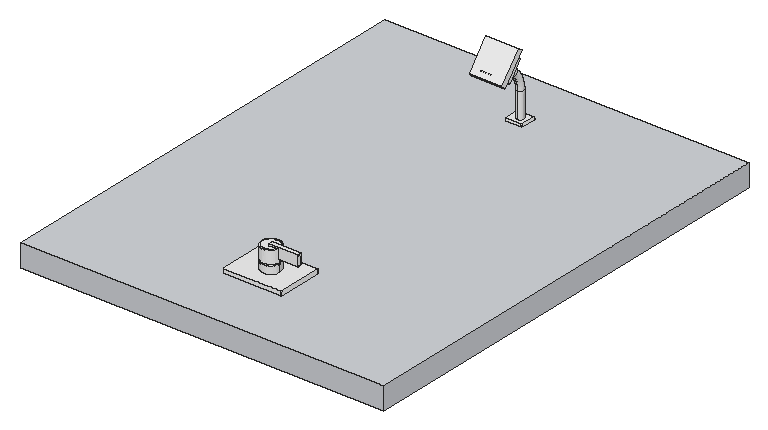
Revit family
Parameters (values of type "Polished Chrome")
  Waste Connection = no
  WFU = 0
  Version = 1
  Vent Connection = no
  URL = "http://www.deltafaucet.com"
  Series = "Monitor 14"  # constant formula
  Product URL = "http://www.deltafaucet.com/bath/details/T14253-H2O.html"
  Overall Width = 0' - 7.08661"  # constant formula
  Overall Height [instance] = Distance from Control to Showerhead + 0' 1" + 0' 2 25/32"  # 3' - 5 25/32"
  Overall Depth = 1' - 6 1/8"  # constant formula
  Model = "T14253-H2O"
  Manufacturer = "DELTA"  # constant formula
  Hot Water Connection Radius = Hot Water Connection NPT / 2  # 1/4"
  Hot Water Connection NPT = 1/2"
  HWFU = 0
  HW Connection = yes
  Flow Pressure [instance] = 0.00 psi
  Finish = Chrome - DELTA - Polished
  Distance from Control to Showerhead [instance] = 3' - 2"
  Description = "Shower Faucet Trim Includes Pressure Balanced Bath Mixing Valve with Scald-Guard"
  Default Elevation = 3' - 9 1/4"
  Collection = "Vero"  # constant formula
  Cold Water Connection Radius = Cold Water Connection NPT / 2  # 1/4"
  Cold Water Connection NPT = 1/2"
  CWFU = 0
  CW Connection = yes
  CADworks URL = "http://www.CADworks.net"
  Assembly Code = "D2010710"
  ADA Compliant = yes
Types (3): name | Product URL | Model | Finish
  (no name) | "http://www.deltafaucet.com/bath/details/T14253-H2O.html" | "T14253-H2O" | Chrome - DELTA - Polished
  Polished Chrome | "http://www.deltafaucet.com/bath/details/T14253-H2O.html" | "T14253-H2O" | Chrome - DELTA - Polished
  Brilliance Stainless | "http://www.deltafaucet.com/bath/details/T14253-SSH2O.html" | "T14253-SSH2O" | Steel - DELTA - Brilliance Stainless
Reference planes (in)
  plane 1 "Center (Front/Back)": y = 0
  plane 2: z = 0.00247
  plane 3 "Center (Left/Right)": x = 0
  plane 4: y = 38
  plane 5: x = -1
  plane 6: x = 1
  plane 7: x = 3.54331
  plane 8: x = -3.54331
  plane 9: y = 2.79331
  plane 10: y = -2.79331
  plane 11: z = 0.30168
  plane 12: z = 0.50247
  plane 13: z = 1.65236
  plane 14: y = 38.98794
  plane 15: z = -0.24753
  plane 16: z = 3.27756
  plane 17: z = 2.02756
  plane 18: y = 36.98794
  plane 19: y = 43.77539
  plane 20: through (0.06198, 31.39901, 10.33972) normal (0, -0.641, -0.7675)
  plane 21: through (0, 26.9852, -0.27291) normal (0, 0.7675, -0.641)
  plane 22: y = 27.2152
  plane 23: z = 9.68516
Forms (in)
  Extrusion 1, solid
    sketch origin (0, 0, 0.00247) x (1, 0, 0) y (0, 1, 0)
      loop
        line (-22.21879, 45.14379) -> (-22.21879, -10.35841) -> (22.06226, -10.35841) -> (22.06226, 45.14379) -> (-22.21879, 45.14379)
    from 0 to -2.73823
  Blend 2, solid, material "Chrome - DELTA - Polished" <- "Finish"
    base sketch origin (0, 15, 0.00247) x (1, 0, 0) y (0, 1, 0)
      loop
        arc (-3.50394, -12.20669) -> (-3.53178, -12.21822) -> (-3.54331, -12.24606) r 0.03937
        line (-3.54331, -12.24606) -> (-3.54331, -17.75394)
        arc (-3.54331, -17.75394) -> (-3.53178, -17.78178) -> (-3.50394, -17.79331) r 0.03937
        line (-3.50394, -17.79331) -> (3.50394, -17.79331)
        arc (3.50394, -17.79331) -> (3.53178, -17.78178) -> (3.54331, -17.75394) r 0.03937
        line (3.54331, -17.75394) -> (3.54331, -12.24606)
        arc (3.54331, -12.24606) -> (3.53178, -12.21822) -> (3.50394, -12.20669) r 0.03937
        line (3.50394, -12.20669) -> (-3.50394, -12.20669)
    top sketch origin (0, 15, 0.00247) x (1, 0, 0) y (0, 1, 0)
      loop
        line (3.46457, -12.24606) -> (-3.46457, -12.24606)
        arc (-3.46457, -12.24606) -> (-3.49241, -12.25759) -> (-3.50394, -12.28543) r 0.03937
        line (-3.50394, -12.28543) -> (-3.50394, -17.71457)
        arc (-3.50394, -17.71457) -> (-3.49241, -17.74241) -> (-3.46457, -17.75394) r 0.03937
        line (-3.46457, -17.75394) -> (3.46457, -17.75394)
        arc (3.46457, -17.75394) -> (3.49241, -17.74241) -> (3.50394, -17.71457) r 0.03937
        line (3.50394, -17.71457) -> (3.50394, -12.28543)
        arc (3.50394, -12.28543) -> (3.49241, -12.25759) -> (3.46457, -12.24606) r 0.03937
    from 0 to 0.5
  Extrusion 3, solid, material "Chrome - DELTA - Polished" <- "Finish", detail levels fine
    sketch origin (-60, -180, -0.25) x (-1, 0, 0) y (0, -1, 0)
      loop
        circle (-59, -180) r 0.25
      loop
        circle (-61, -180) r 0.25
    from 0.00247 to 0.25247
  Extrusion 4, solid, material "Chrome - DELTA - Polished" <- "Finish"
    sketch origin (-60, -180, -0.25) x (-1, 0, 0) y (0, -1, 0)
      loop
        circle (-60, -180) r 1.1124
    from 0.75247 to 1.90236
  Extrusion 5, solid, material "Chrome - DELTA - Polished" <- "Finish"
    sketch origin (-60, -180, -0.25) x (-1, 0, 0) y (0, -1, 0)
      loop
        circle (-60, -180) r 1.13878
    from 3.40354 to 1.90236
  Revolve 6, void
    sketch origin (0, 0, 0) x (1, 0, 0) y (0, 0, 1)
      loop
        line (-1.13878, 3.15354) -> (-1.13878, 1.65236) -> (-1.11428, 3.11513)
        arc (-1.11428, 3.11513) -> (-1.10261, 3.14233) -> (-1.07522, 3.15354) r 0.03906
        line (-1.07522, 3.15354) -> (-1.13878, 3.15354)
      axis (0, 3.15354) -> (0, 1.65236)
    angle from 0 to 360
  Extrusion 7, solid, material "Chrome - DELTA - Polished" <- "Finish"
    sketch origin (-60, -180, -0.25) x (-1, 0, 0) y (0, -1, 0)
      loop
        line (-60, -180.23091) -> (-60, -179.76909)
        arc (-60, -179.76909) -> (-60.01176, -179.7407) -> (-60.04016, -179.72894) r 0.04016
        line (-60.04016, -179.72894) -> (-63.45984, -179.72894)
        arc (-63.45984, -179.72894) -> (-63.48824, -179.7407) -> (-63.5, -179.76909) r 0.04016
        line (-63.5, -179.76909) -> (-63.5, -180.23091)
        arc (-63.5, -180.23091) -> (-63.48824, -180.2593) -> (-63.45984, -180.27106) r 0.04016
        line (-63.45984, -180.27106) -> (-60.04016, -180.27106)
        arc (-60.04016, -180.27106) -> (-60.01176, -180.2593) -> (-60, -180.23091) r 0.04016
    from 2.27756 to 3.52756
  Extrusion 8, void
    sketch origin (0, 0.00781, 0) x (1, 0, 0) y (0, 0, 1)
      loop
        arc (3.45984, 3.27756) -> (3.48824, 3.2658) -> (3.5, 3.2374) r 0.04016
        line (3.5, 3.2374) -> (3.5, 3.27756) -> (3.45984, 3.27756)
      loop
        line (3.45984, 2.02756) -> (3.5, 2.02756) -> (3.5, 2.06772)
        arc (3.5, 2.06772) -> (3.48824, 2.03932) -> (3.45984, 2.02756) r 0.04016
      loop
        line (0.04016, 3.27756) -> (0, 3.27756) -> (0, 3.2374)
        arc (0, 3.2374) -> (0.01176, 3.2658) -> (0.04016, 3.27756) r 0.04016
    from -0.26325 to 0.27888
  Extrusion 9, solid, material "Chrome - DELTA - Polished" <- "Finish"
    sketch origin (0, 0, 0) x (0, 1, 0) y (0, 0, 1)
      loop
        circle (0, 2.7811) r 0.16496
    from -1.12992 to 0
  Revolve 10, void
    sketch origin (0, 0, 0) x (1, 0, 0) y (0, 0, 1)
      loop
        line (-1.0499, 1.45713) -> (-0.90108, 1.45713)
        arc (-0.90108, 1.45713) -> (-0.85689, 1.47544) -> (-0.83858, 1.51963) r 0.0625
        line (-0.83858, 1.51963) -> (-0.83858, 1.65236) -> (-1.1124, 1.65236) -> (-1.1124, 1.39463)
        arc (-1.1124, 1.39463) -> (-1.0941, 1.43883) -> (-1.0499, 1.45713) r 0.0625
      axis (0, 1.65236) -> (0, 1.39463)
    angle from 0 to 360
  Blend 11, solid, material "Chrome - DELTA - Polished" <- "Finish"
    base sketch origin (0, -9.21518, 0.00247) x (1, 0, 0) y (0, 1, 0)
      loop
        arc (-0.95969, 48.20312) -> (-0.98819, 48.19132) -> (-1, 48.16282) r 0.04031
        line (-1, 48.16282) -> (-1, 46.26218)
        arc (-1, 46.26218) -> (-0.9827, 46.22042) -> (-0.94094, 46.20312) r 0.05906
        line (-0.94094, 46.20312) -> (0.94094, 46.20312)
        arc (0.94094, 46.20312) -> (0.9827, 46.22042) -> (1, 46.26218) r 0.05906
        line (1, 46.26218) -> (1, 48.16282)
        arc (1, 48.16282) -> (0.98819, 48.19132) -> (0.95969, 48.20312) r 0.04031
        line (0.95969, 48.20312) -> (-0.95969, 48.20312)
    top sketch origin (0, -9.21518, 0.00247) x (1, 0, 0) y (0, 1, 0)
      loop
        line (-1.05906, 48.03777) -> (-1.05906, 46.36848)
        arc (-1.05906, 46.36848) -> (-1.02792, 46.29331) -> (-0.95276, 46.26218) r 0.1063
        line (-0.95276, 46.26218) -> (0.88189, 46.26218)
        arc (0.88189, 46.26218) -> (0.92365, 46.27948) -> (0.94094, 46.32124) r 0.05906
        line (0.94094, 46.32124) -> (0.94094, 48.08501)
        arc (0.94094, 48.08501) -> (0.92365, 48.12677) -> (0.88189, 48.14407) r 0.05906
        line (0.88189, 48.14407) -> (-0.95276, 48.14407)
        arc (-0.95276, 48.14407) -> (-1.02792, 48.11294) -> (-1.05906, 48.03777) r 0.1063
    from 0 to 0.29921
  Sweep 12, solid, material "Chrome - DELTA - Polished" <- "Finish"
    path origin (0, -9.25052, 0.00374) x (0, 1, -0.000048) y (0, 0.000048, 1)
      loop
        line (47.25051, 0.30023) -> (47.25036, 3.42178)
        arc (47.25036, 3.42178) -> (46.96778, 4.69271) -> (46.17339, 5.72423) r 3
        line (46.17339, 5.72423) -> (45.71712, 6.10529)
    profile origin (0, 38, 1.86246) x (0, -1, 0) y (1, 0, 0)
      loop
        circle (0, 0) r 0.40625
  Extrusion 13, solid, material "Chrome - DELTA - Polished" <- "Finish"
    sketch origin (0, 26.9852, -0.27291) x (0, 0.641048, 0.767501) y (1, 0, 0)
      loop
        line (12.97467, -2) -> (12.97467, 2) -> (8.97467, 2) -> (8.97467, -2) -> (12.97467, -2)
    from 0 to 0.5
  Extrusion 14, solid, material "Chrome - DELTA - Polished" <- "Finish"
    sketch origin (0, 22.48525, 3.48563) x (0, 0.641048, 0.767501) y (1, 0, 0)
      loop
        line (12.25592, -1.28125) -> (12.25592, 1.28125) -> (9.69342, 1.28125) -> (9.69342, -1.28125) -> (12.25592, -1.28125)
    from 6.36312 to 7.89437
  Extrusion 15, solid, material "Chrome - DELTA - Polished" <- "Finish"
    sketch origin (0, 28.54418, -1.57504) x (0, 0.641048, 0.767501) y (1, 0, 0)
      loop
        line (11.84967, -0.875) -> (11.84967, 0.875) -> (10.09967, 0.875) -> (10.09967, -0.875) -> (11.84967, -0.875)
    from 0 to 0.46875
  Extrusion 16, solid, material "Chrome - DELTA - Polished" <- "Finish"
    sketch origin (0, 28.90395, -1.87553) x (0, 0.641048, 0.767501) y (1, 0, 0)
      loop
        circle (10.97467, 0) r 0.4375
    from 0 to 0.25
  Extrusion 17, solid, material "Chrome - DELTA - Polished" <- "Finish"
    sketch origin (0, 29.09582, -2.03579) x (0, 0.641048, 0.767501) y (1, 0, 0)
      loop
        line (10.45145, 0) -> (10.71306, -0.45312) -> (11.23628, -0.45312) -> (11.49789, 0) -> (11.23628, 0.45313) -> (10.71306, 0.45313) -> (10.45145, 0)
    from 0 to 0.4375
  Revolve 18, void
    sketch origin (0, -0.02517, 0.02102) x (0, 1, 0) y (0, 0, 1)
      loop
        line (35.51552, 5.98908) -> (35.70739, 5.82882) -> (35.87993, 6.0354)
        arc (35.87993, 6.0354) -> (35.87843, 6.12969) -> (35.79927, 6.18096) r 0.10018
        line (35.79927, 6.18096) -> (35.68395, 6.19074) -> (35.51552, 5.98908)
      axis (36.15628, 6.36625) -> (35.96441, 6.52652)
    angle from 0 to 360
Cuts and joins
  Revolve 6, Revolve 10 cuts Extrusion 4
  Revolve 6 cuts Extrusion 5
  Extrusion 8 cuts Extrusion 7
  joined: Extrusion 5, Extrusion 7, Extrusion 9
  Revolve 18 cuts Sweep 12
  Revolve 18 cuts Extrusion 13
  Revolve 18 cuts Extrusion 14
  Revolve 18 cuts Extrusion 15
  Revolve 18 cuts Extrusion 17
  Revolve 18 cuts Extrusion 16
Lines and regions (in)
  Masking region 1
    outline origin (-60, 38, 48) x (-1, 0, 0) y (0, 0, 1)
      loop
        line (-59, -47.99753) -> (-59.05906, -47.69832) -> (-59.59375, -47.69832) -> (-59.59375, -42.13533) -> (-58.71875, -42.13533) -> (-58.71875, -41.70537) -> (-58, -41.70537) -> (-58, -38.31484) -> (-62, -38.31484) -> (-62, -41.70537) -> (-61.28125, -41.70537) -> (-61.28125, -42.13533) -> (-60.40625, -42.13533) -> (-60.40625, -47.69832) -> (-60.94094, -47.69832) -> (-61, -47.99753) -> (-59, -47.99753)
  Masking region 2
    outline origin (0, 0, 0) x (1, 0, 0) y (0, 0, 1)
      loop
        line (3.54331, 0.00247) -> (3.50394, 0.50247) -> (1.1124, 0.50247) -> (1.1124, 1.39463)
        arc (1.1124, 1.39463) -> (1.0941, 1.43883) -> (1.0499, 1.45713) r 0.0625
        line (1.0499, 1.45713) -> (0.90108, 1.45713)
        arc (0.90108, 1.45713) -> (0.85689, 1.47544) -> (0.83858, 1.51963) r 0.0625
        line (0.83858, 1.51963) -> (0.83858, 1.65236) -> (1.13878, 1.65236) -> (1.1325, 2.02756) -> (3.45703, 2.02756)
        arc (3.45703, 2.02756) -> (3.48741, 2.04014) -> (3.5, 2.07053) r 0.04297
        line (3.5, 2.07053) -> (3.5, 3.23459)
        arc (3.5, 3.23459) -> (3.48741, 3.26497) -> (3.45703, 3.27756) r 0.04297
        line (3.45703, 3.27756) -> (0.04297, 3.27756)
        arc (0.04297, 3.27756) -> (0.01259, 3.26497) -> (0, 3.23459) r 0.04297
        line (0, 3.23459) -> (0, 3.15354) -> (-1.07138, 3.15354)
        arc (-1.07138, 3.15354) -> (-1.10151, 3.14121) -> (-1.11434, 3.11129) r 0.04297
        line (-1.11434, 3.11129) -> (-1.13878, 1.65236) -> (-0.83858, 1.65236) -> (-0.83858, 1.51963)
        arc (-0.83858, 1.51963) -> (-0.85689, 1.47544) -> (-0.90108, 1.45713) r 0.0625
        line (-0.90108, 1.45713) -> (-1.0499, 1.45713)
        arc (-1.0499, 1.45713) -> (-1.0941, 1.43883) -> (-1.1124, 1.39463) r 0.0625
        line (-1.1124, 1.39463) -> (-1.1124, 0.50247) -> (-3.50394, 0.50247) -> (-3.54331, 0.00247) -> (3.54331, 0.00247)
  symbolic lines
    curve 1: line (-0.40551, 26.25, 0.30168) -> (0.40551, 26.25, 0.30168)
    curve 2: line (-1.1124, 26.25, 0.50247) -> (-0.40551, 26.25, 0.50247)
    curve 3: line (0.40551, 26.25, 0.50247) -> (1.1124, 26.25, 0.50247)
    curve 6: line (0.40551, 26.25, 3.15354) -> (1.05022, 26.25, 3.15354)
    curve 7: arc (1.0405, 26.25, 3.15349) -> (1.06799, 26.25, 3.14307) -> (1.08078, 26.25, 3.1166) r 0.03972
    curve 8: line (1.08078, 26.25, 3.1166) -> (1.09958, 26.25, 2.02756)
    curve 9: line (1.09958, 26.25, 2.02756) -> (1.1325, 26.25, 2.02756)
    curve 10: spline (0.40625, 26.25, 6.10837) -> (0.40277, 26.25, 6.14907) -> (0.39241, 26.25, 6.18907) -> (0.37533, 26.25, 6.22769) -> (0.35182, 26.25, 6.26427) -> (0.3223, 26.25, 6.29818) -> (0.28726, 26.25, 6.32884) -> (0.24731, 26.25, 6.35574) -> (0.20313, 26.25, 6.37839) -> (0.15547, 26.25, 6.39643) -> (0.10515, 26.25, 6.40954) -> (0.05303, 26.25, 6.4175) -> (0, 26.25, 6.42017)
    curve 11: line (0.40625, 26.25, 5.86467) -> (0.40625, 26.25, 6.10837)
    curve 12: spline (-0.40625, 26.25, 6.10837) -> (-0.40277, 26.25, 6.14907) -> (-0.39241, 26.25, 6.18907) -> (-0.37533, 26.25, 6.22769) -> (-0.35182, 26.25, 6.26427) -> (-0.3223, 26.25, 6.29818) -> (-0.28726, 26.25, 6.32884) -> (-0.24731, 26.25, 6.35574) -> (-0.20313, 26.25, 6.37839) -> (-0.15547, 26.25, 6.39643) -> (-0.10515, 26.25, 6.40954) -> (-0.05303, 26.25, 6.4175) -> (0, 26.25, 6.42017)
    curve 13: line (-0.40625, 26.25, 5.86467) -> (-0.40625, 26.25, 6.10837)
    curve 14: line (-1.28125, 0, 6.29463) -> (-1.28125, 0, 8.813)
    curve 15: line (-1.28125, 0, 8.813) -> (1.28125, 0, 8.813)
    curve 16: line (1.28125, 0, 8.813) -> (1.28125, 0, 6.29463)
    curve 17: line (-2, 0, 9.36464) -> (2, 0, 9.36464)
    curve 19: line (-0.875, 0, 5.87598) -> (-0.875, 0, 7.51959)
    curve 20: line (-0.875, 0, 7.51959) -> (0.875, 0, 7.51959)
    curve 21: line (0.875, 0, 7.51959) -> (0.875, 0, 5.87598)
  symbolic lines, detail levels medium+fine
    curve 4: line (-0.83713, 26.25, 1.65236) -> (-0.40551, 26.25, 1.65236)
    curve 5: line (0.40551, 26.25, 1.65236) -> (0.83713, 26.25, 1.65236)
    curve 18: line (-1.28125, 0, 7.83139) -> (1.28125, 0, 7.83139)
    curve 23: line (-0.40352, 0, 5.88405) -> (-0.45312, 0, 5.90603)
    curve 24: line (-0.45312, 0, 5.90603) -> (-0.45312, 0, 6.58806)
    curve 25: line (0, 0, 6.78885) -> (-0.45312, 0, 6.58806)
    curve 26: line (0.45313, 0, 6.58806) -> (0, 0, 6.78885)
    curve 27: line (0.45313, 0, 5.90603) -> (0.45313, 0, 6.58806)
    curve 28: line (0.40352, 0, 5.88405) -> (0.45313, 0, 5.90603)
  symbolic lines, detail levels fine
    curve 22: line (-0.875, 0, 7.2191) -> (0.875, 0, 7.2191)
    curve 29: line (0, 0, 6.78885) -> (0, 0, 6.50839)
    curve 30: line (-0.45312, 0, 6.30761) -> (0, 0, 6.50839)
    curve 31: line (0, 0, 6.50839) -> (0.45313, 0, 6.30761)
    curve 32: spline (-0.40352, 0, 5.88405) -> (-0.38042, 0, 5.95735) -> (-0.33507, 0, 6.02425) -> (-0.27012, 0, 6.08083) -> (-0.18937, 0, 6.1238) -> (-0.09754, 0, 6.15062) -> (0, 0, 6.15974) -> (0.09754, 0, 6.15062) -> (0.18937, 0, 6.1238) -> (0.27012, 0, 6.08083) -> (0.33507, 0, 6.02425) -> (0.38042, 0, 5.95735) -> (0.40352, 0, 5.88405)
Dimensions and locks (in)
  Blend 2 sketch curve to Blend 2 sketch curve to plane 1 "Center (Front/Back)" to Blend 2 sketch curve to Blend 2 sketch curve = 0' - 0.03937" locked, 0' - 2.75394" locked, 0' - 2.75394" locked, 0' - 0.03937" locked
  Blend 2 sketch curve to plane 1 "Center (Front/Back)" to Blend 2 sketch curve = 0' - 2.75394" locked, 0' - 2.75394" locked
  Blend 2 sketch curve to plane 3 "Center (Left/Right)" to Blend 2 sketch curve = 0' - 3.50394" locked, 0' - 3.50394" locked  (x2)
  Blend 2 sketch curve to Blend 2 sketch curve to plane 3 "Center (Left/Right)" to Blend 2 sketch curve to Blend 2 sketch curve = 0' - 0.03937" locked, 0' - 3.46457" locked, 0' - 3.46457" locked, 0' - 0.03937" locked
  Blend 2 sketch curve to plane 3 "Center (Left/Right)" to Blend 2 sketch curve = 0' - 3.46457" locked, 0' - 3.46457" locked
  Blend 2 sketch curve to Blend 2 sketch curve to plane 1 "Center (Front/Back)" to Blend 2 sketch curve to Blend 2 sketch curve = 0' - 0.03937" locked, 0' - 2.71457" locked, 0' - 2.71457" locked, 0' - 0.03937" locked
  Blend 2 sketch curve to plane 1 "Center (Front/Back)" to Blend 2 sketch curve = 0' - 2.71457" locked, 0' - 2.71457" locked
  locked: plane 1 "Center (Front/Back)" to Extrusion 3 sketch curve at 0  (x2)
  "Distance from Control to Showerhead": plane 4 to plane 1 "Center (Front/Back)"
  "Overall Width": plane 8 to plane 7
  equal spacing: plane 8, plane 3 "Center (Left/Right)", plane 7
  locked: plane 5 to plane 6 at 2
  equal spacing: plane 5, plane 3 "Center (Left/Right)", plane 6
  locked: plane 9 to plane 10 at 5.58661
  equal spacing: plane 9, plane 1 "Center (Front/Back)", plane 10
  locked: plane 3 "Center (Left/Right)" to Extrusion 4 sketch curve at 0
  locked: plane 1 "Center (Front/Back)" to Extrusion 4 sketch curve at 0
  locked: plane 3 "Center (Left/Right)" to Extrusion 5 sketch curve at 0
  locked: plane 1 "Center (Front/Back)" to Extrusion 5 sketch curve at 0
  locked: plane 1 "Center (Front/Back)" to Extrusion 9 sketch curve at 0
  locked: Extrusion 9 sketch curve to plane 13 at 1.12874
  locked: plane 16 to plane 2 at 3.27509
  locked: plane 11 to plane 2 at 0.29921
  locked: plane 12 to plane 2 at 0.5
  plane 10 to plane 1 "Center (Front/Back)" = 0' - 2.79331"
  "Overall Height": plane 14 to plane 10
  locked: plane 14 to plane 18 at 2
  locked: plane 14 to Blend 11 sketch curve at 0.05906
  locked: Blend 11 sketch curve to plane 5 at 0.05906
  locked: Blend 11 sketch curve to plane 18 at 0.05906
  locked: Blend 11 sketch curve to plane 6 at 0.05906
  locked: profile plane to Sweep 12 sketch curve
  locked: plane 4 to plane 19 at 5.77539
  locked: plane 2 to plane 20 at 0
  locked: plane 19 to plane 19 at 0
  locked: plane 22 to plane 4 at 10.7848
  locked: Extrusion 13 sketch curve to Extrusion 13 sketch curve at 4  (x2)
  equal spacing: Extrusion 13 sketch curve, plane 3 "Center (Left/Right)", Extrusion 13 sketch curve
  equal spacing: Extrusion 13 sketch curve, plane 20, Extrusion 13 sketch curve
  locked: Extrusion 13 to plane 21 at 0.5
  locked: Extrusion 14 sketch curve to Extrusion 14 sketch curve at 2.5625  (x2)
  equal spacing: Extrusion 14 sketch curve, plane 3 "Center (Left/Right)", Extrusion 14 sketch curve
  equal spacing: Extrusion 14 sketch curve, plane 20, Extrusion 14 sketch curve
  locked: Extrusion 14 to Extrusion 14 at 1.53125
  locked: Extrusion 15 sketch curve to Extrusion 15 sketch curve at 1.75  (x2)
  equal spacing: Extrusion 15 sketch curve, plane 3 "Center (Left/Right)", Extrusion 15 sketch curve
  equal spacing: Extrusion 15 sketch curve, plane 20, Extrusion 15 sketch curve
  locked: Extrusion 15 to Extrusion 15 at 0.46875
  locked: Extrusion 16 to Extrusion 16 at 0.25
  locked: plane 15 to plane 21 at 0
  locked: plane 22 to plane 22 at 0
  locked: Extrusion 17 to Extrusion 17 at 0.4375
  locked: Extrusion 17 sketch curve to Extrusion 16 at 0.89062
  equal spacing: Extrusion 17 sketch curve, plane 3 "Center (Left/Right)", Extrusion 17 sketch curve
  locked: Extrusion 17 sketch curve to Extrusion 17 sketch curve at 1.04645
  equal spacing: Extrusion 17 sketch curve, plane 20, Extrusion 17 sketch curve  (x3)
  locked: Extrusion 17 sketch curve to Extrusion 17 sketch curve at 0.90625  (x2)
  locked: Revolve 18 sketch curve to plane 20 at 0.70024
  locked: cut or joined group of Extrusion 15, Revolve 18 to Revolve 18 sketch curve at 0
  locked: Revolve 18 sketch curve to cut or joined group of Extrusion 17, Revolve 18 at 0
  locked: Revolve 18 sketch curve to Revolve 18 sketch curve at 0.21516
  locked: plane 3 "Center (Left/Right)" to Sweep 12 sketch curve at 0
  locked: cut or joined group of Extrusion 5, Revolve 6, Extrusion 7, Extrusion 8, Extrusion 9 to cut or joined group of Extrusion 5, Revolve 6, Extrusion 7, Extrusion 8, Extrusion 9 at 0.54213
  equal spacing: cut or joined group of Extrusion 5, Revolve 6, Extrusion 7, Extrusion 8, Extrusion 9, plane 1 "Center (Front/Back)", cut or joined group of Extrusion 5, Revolve 6, Extrusion 7, Extrusion 8, Extrusion 9
  locked: plane 5 to Extrusion 3 sketch curve at 0
  locked: plane 6 to Extrusion 3 sketch curve at 0
  locked: plane 16 to Extrusion 8 sketch curve at 0  (x2)
  locked: Extrusion 8 sketch curve to plane 7 at 0.04331  (x2)
  locked: plane 17 to Extrusion 8 sketch curve at 0
  locked: plane 3 "Center (Left/Right)" to Extrusion 8 sketch curve at 0
  locked: curve 9 to plane 17 at 0
  locked: curve 3 to plane 12 at 0
  locked: curve 5 to plane 13 at 0
  locked: curve 1 to plane 11 at 0
  locked: curve 10 to plane 3 "Center (Left/Right)" at 0
  locked: curve 4 to plane 13 at 0
  locked: curve 2 to plane 12 at 0
  locked: plane 3 "Center (Left/Right)" to curve 1 at 0.40551
  locked: plane 3 "Center (Left/Right)" to curve 5 at 0.40551
  locked: curve 6 to plane 16 at 0.12402
  locked: plane 3 "Center (Left/Right)" to curve 6 at 0.40551
  locked: curve 1 to curve 3
  locked: curve 11 to curve 10 at 0.40625
  locked: curve 12 to curve 11 at 0
  locked: plane 6 to curve 5 at 0.16287
  locked: curve 7 to plane 6 at 0.0405
  locked: curve 7 to curve 7 at 0.00067
  locked: curve 6 to curve 7 at 0.00973
  locked: curve 8 to curve 7 at 0.03962
  locked: curve 9 to plane 6 at 0.09958
  locked: curve 3 to plane 6 at 0.1124
  locked: curve 9 to curve 8 at 0.03292
  locked: curve 4 to plane 3 "Center (Left/Right)" at 0.40551
  locked: curve 2 to plane 3 "Center (Left/Right)" at 0.40551
  locked: curve 1 to curve 2
  locked: plane 5 to curve 4 at 0.16287
  locked: curve 7 to curve 6 at 0.03976
  locked: curve 7 to curve 7 at 0.00282
  locked: plane 16 to curve 13 at 2.58711
  locked: curve 11 to curve 13 at 0
  locked: curve 11 to curve 10 at 0.2437
  locked: curve 12 to curve 10
  locked: curve 10 to curve 10 at 0.3118
  locked: plane 3 "Center (Left/Right)" to Revolve 10 sketch curve at 0.83858
  locked: plane 13 to Revolve 10 sketch curve at 0.19523
  locked: plane 3 "Center (Left/Right)" to Extrusion 7 sketch curve at 3.5
  locked: Extrusion 7 sketch curve to Extrusion 7 sketch curve at 0.54213
  equal spacing: Extrusion 7 sketch curve, plane 1 "Center (Front/Back)", Extrusion 7 sketch curve
  locked: cut or joined group of Extrusion 13, Revolve 18 to plane 20 at 2
  locked: plane 23 to plane 2 at 9.68269
  locked: plane 23 to plane 17 at 7.6576
  locked: curve 32 to plane 3 "Center (Left/Right)" at 0
  locked: curve 32 to plane 3 "Center (Left/Right)" at 0.40352
  locked: plane 5 to curve 20 at 0.125
  locked: curve 17 to plane 23 at 0.32052
  locked: plane 3 "Center (Left/Right)" to curve 28 at 0.40352
  locked: curve 28 to curve 32 at 0.00273
  locked: plane 6 to curve 22 at 0.125
  locked: curve 16 to plane 6 at 0.28125
  locked: curve 15 to curve 17 at 0.71875
  locked: curve 16 to plane 23 at 0.87217
  locked: curve 20 to curve 18 at 0.3118
  locked: curve 22 to curve 20 at 0.30049
  locked: curve 14 to curve 30 at 0.01297
  locked: curve 16 to curve 31 at 0.01297
  locked: curve 27 to curve 31 at 0.40157
  locked: curve 23 to curve 30 at 0.40157
  locked: curve 32 to curve 27 at 0.02198
  locked: curve 21 to curve 27 at 0.03006
  locked: curve 19 to curve 23 at 0.03006
  locked: curve 32 to curve 23 at 0.0361
  locked: curve 25 to curve 30 at 0.25641
  locked: curve 29 to plane 6 at 1
  locked: curve 31 to curve 26 at 0.25641
  locked: plane 23 to curve 29 at 2.89631
  locked: plane 23 to curve 31 at 3.17677
  locked: plane 3 "Center (Left/Right)" to curve 30 at 0
  locked: plane 3 "Center (Left/Right)" to curve 26 at 0
  Masking region 1 sketch curve to plane 3 "Center (Left/Right)" to Masking region 1 sketch curve = 0' - 2" locked, 0' - 2" locked
  Masking region 1 sketch curve to Masking region 1 sketch curve to plane 3 "Center (Left/Right)" to Masking region 1 sketch curve to Masking region 1 sketch curve = 0' - 0 7/8" locked, 0' - 0 13/32" locked, 0' - 0 13/32" locked, 0' - 0 7/8" locked
  Masking region 1 sketch curve to Masking region 1 sketch curve to plane 3 "Center (Left/Right)" to Masking region 1 sketch curve to Masking region 1 sketch curve = 0' - 0.05906" locked, 0' - 0.94094" locked, 0' - 0.94094" locked, 0' - 0.05906" locked
  plane 23 to Masking region 1 sketch curve to Masking region 1 sketch curve = 0' - 3.39053" locked, 0' - 0.42996" locked
  locked: plane 2 to plane 15 at 0.25
  Masking region 2 sketch curve to plane 3 "Center (Left/Right)" to Masking region 2 sketch curve = 0' - 3.54331" locked, 0' - 3.54331" locked
  Masking region 2 sketch curve to plane 3 "Center (Left/Right)" to Masking region 2 sketch curve = 0' - 3.50394" locked, 0' - 3.50394" locked
  locked: Masking region 2 sketch curve to plane 3 "Center (Left/Right)" at 3.5
  Masking region 2 sketch curve to plane 3 "Center (Left/Right)" to Masking region 2 sketch curve = 0' - 0.83858" locked, 0' - 0.83858" locked
  locked: plane 3 "Center (Left/Right)" to cut or joined group of Extrusion 5, Revolve 6, Extrusion 7, Extrusion 8, Extrusion 9 at 1.12992
  locked: Sweep 12 sketch curve to plane 21 at 3.1875
  locked: Sweep 12 sketch curve to plane 21 at 3.78196
  locked: Sweep 12 sketch curve to plane 2 at 3.42077
  locked: plane 20 to Extrusion 16 sketch curve at 0
  radius of Blend 2 sketch curve = 0' - 0.03937"  (x8)
  "Hot Water Connection Radius": radius of Extrusion 3 sketch curve
  "Cold Water Connection Radius": radius of Extrusion 3 sketch curve
  radius of Sweep 12 sketch curve = 0' - 0 13/32"
  radius of Blend 11 sketch curve = 0' - 0.1063"  (x2)
  radius of Blend 11 sketch curve = 0' - 0.05906"  (x2)
  radius of Revolve 18 sketch curve = 0' - 0.10018"
  radius of Extrusion 8 sketch curve = 0' - 0.04016"  (x3)
  radius of Revolve 10 sketch curve = 0' - 0 1/16"  (x2)
  radius of Masking region 2 sketch curve = 0' - 0 1/16"  (x4)
  radius of Sweep 12 sketch curve = 0' - 3"
  locked: plane 19 to plane 20 (angle 50.13°)
  locked: plane 21 to plane 22 (angle 39.87°)
  aligned and locked: plane 2 to Extrusion 1
  aligned: level to Extrusion 1
  aligned and locked: Blend 2 to plane 2
  aligned and locked: plane 2 to Extrusion 3
  aligned and locked: Extrusion 8 to Extrusion 7
  aligned and locked: Extrusion 7 to Extrusion 8
  aligned and locked: plane 5 to Blend 11
  aligned and locked: plane 6 to Blend 11
  aligned and locked: plane 8 to Blend 2
  aligned and locked: plane 7 to Blend 2
  aligned and locked: Blend 2 to plane 9
  aligned and locked: Blend 2 to plane 10
  aligned and locked: plane 11 to Blend 11
  aligned: plane 11 to Sweep 12  (x2)
  aligned and locked: Blend 11 to plane 2
  aligned and locked: plane 14 to Blend 11  (x2)
  aligned and locked: plane 13 to cut or joined group of Extrusion 4, Revolve 6, Revolve 10
  aligned and locked: plane 12 to Blend 2
  aligned and locked: cut or joined group of Extrusion 4, Revolve 6, Revolve 10 to plane 12
  aligned and locked: Extrusion 3 to plane 15
  aligned and locked: Extrusion 3 to plane 2
  aligned and locked: plane 2 to Blend 2
  aligned and locked: cut or joined group of Extrusion 5, Revolve 6, Extrusion 7, Extrusion 8, Extrusion 9 to plane 13
  aligned and locked: plane 3 "Center (Left/Right)" to cut or joined group of Extrusion 5, Revolve 6, Extrusion 7, Extrusion 8, Extrusion 9
  aligned and locked: plane 16 to cut or joined group of Extrusion 5, Revolve 6, Extrusion 7, Extrusion 8, Extrusion 9
  aligned and locked: cut or joined group of Extrusion 5, Revolve 6, Extrusion 7, Extrusion 8, Extrusion 9 to plane 17
  aligned and locked: Blend 11 sketch curve to plane 14
  aligned and locked: Blend 11 sketch curve to plane 6
  aligned and locked: plane 5 to Blend 11 sketch curve
  aligned and locked: plane 2 to Blend 11
  aligned and locked: Blend 11 to plane 11
  aligned: plane 4 to Sweep 12 sketch curve  (x2)
  aligned and locked: Blend 11 to plane 14
  aligned and locked: plane 18 to Blend 11  (x2)
  aligned and locked: plane 11 to Sweep 12
  aligned and locked: Blend 11 to Sweep 12
  aligned and locked: plane 11 to Sweep 12 sketch curve
  aligned and locked: Extrusion 14 to Extrusion 13
  aligned and locked: Extrusion 15 to Extrusion 14
  aligned and locked: Extrusion 13 to plane 21
  aligned and locked: Extrusion 16 to Extrusion 15
  aligned and locked: Extrusion 16 to Extrusion 17
  aligned and locked: cut or joined group of Extrusion 4, Revolve 6, Revolve 10 to plane 13
  aligned and locked: plane 13 to Revolve 10 sketch curve
  aligned and locked: plane 23 to cut or joined group of Extrusion 13, Revolve 18
  aligned and locked: curve 14 to cut or joined group of Extrusion 14, Revolve 18
  aligned and locked: Masking region 1 sketch curve to plane 23
  aligned and locked: Masking region 1 sketch curve to plane 2
  aligned and locked: Masking region 1 sketch curve to plane 11
  aligned and locked: plane 11 to Masking region 1 sketch curve
  aligned and locked: Masking region 1 sketch curve to Masking region 1 sketch curve  (x2)
  aligned and locked: Masking region 2 sketch curve to plane 16
  aligned and locked: plane 17 to Masking region 2 sketch curve
  aligned and locked: Masking region 2 sketch curve to plane 13
  aligned and locked: plane 13 to Masking region 2 sketch curve
  aligned and locked: Masking region 2 sketch curve to plane 12
  aligned and locked: plane 12 to Masking region 2 sketch curve
  aligned and locked: plane 20 to Sweep 12 sketch curve
  aligned and locked: plane 4 to Sweep 12 sketch curve
Automatic sketch dimensions
  Extrusion 1 sketch curve to Extrusion 1 sketch curve = 3' - 8.28105"
  Extrusion 1 sketch curve to Extrusion 1 sketch curve = 4' - 7.50219"
  Revolve 6 sketch curve to plane 13 = 0' - 0"
  Revolve 6 sketch curve to plane 3 "Center (Left/Right)" = 0' - 0"
  Revolve 6 sketch curve to Revolve 6 sketch curve = 0' - 0"  (x2)
  plane 12 to Revolve 6 sketch curve = 0' - 0.54812"
  Revolve 6 sketch curve to plane 16 = 0' - 0.16308"
  Revolve 6 sketch curve to Revolve 6 sketch curve = 0' - 0.00065"
  plane 16 to Revolve 6 sketch curve = 0' - 0.13277"
  Extrusion 7 sketch curve to plane 3 "Center (Left/Right)" = 0' - 0"
  plane 3 "Center (Left/Right)" to Extrusion 7 sketch curve = 0' - 0.04016"  (x2)
  plane 7 to Extrusion 7 sketch curve = 0' - 0.08346"
  Extrusion 7 sketch curve to Extrusion 7 sketch curve = 0' - 0.04016"
  Revolve 10 sketch curve to plane 3 "Center (Left/Right)" = 0' - 0"
  Revolve 10 sketch curve to plane 13 = 0' - 0.47537"
  plane 13 to Revolve 10 sketch curve = 0' - 0.14343"
  Blend 11 sketch curve to plane 18 = 0' - 0"
  plane 5 to Blend 11 sketch curve = 0' - 0.04031"
  plane 5 to Blend 11 sketch curve = 0' - 0.05906"
  Blend 11 sketch curve to Blend 11 sketch curve = 0' - 0.05906"
  Blend 11 sketch curve to Blend 11 sketch curve = 0' - 0.04031"
  Extrusion 16 sketch curve to Extrusion 15 = 0' - 0 7/8"
  Extrusion 17 sketch curve to Extrusion 17 sketch curve = 0' - 0.26161"
  plane 20 to Revolve 18 sketch curve = 0' - 0"  (x2)
  Revolve 18 sketch curve to Revolve 18 sketch curve = 0' - 0.16843"
  Revolve 18 sketch curve to Revolve 18 sketch curve = 0' - 0.10686"
  Revolve 18 sketch curve to Revolve 18 sketch curve = 0' - 0.00846"
  Revolve 18 sketch curve to Revolve 18 sketch curve = 0' - 0.20401"
  Revolve 18 sketch curve to Revolve 18 sketch curve = 0' - 0.1528"
  curve 2 to plane 5 = 0' - 0.1124"
  curve 17 to curve 14 = 0' - 0 23/32"
  Revolve 6 sketch curve to plane 5 = 0' - 0.07522"
  Revolve 6 sketch curve to Revolve 6 sketch curve = 0' - 0 5/128"
  Revolve 6 sketch curve to Revolve 6 sketch curve = 0' - 0.0245"
  Revolve 10 sketch curve to plane 5 = 0' - 0.0499"
  Masking region 2 sketch curve to plane 3 "Center (Left/Right)" = 0' - 0"
  Masking region 2 sketch curve to plane 5 = 0' - 0.13878"
  Masking region 2 sketch curve to plane 5 = 0' - 0.11434"
  Masking region 2 sketch curve to Masking region 2 sketch curve = 0' - 0 11/256"
  Masking region 2 sketch curve to plane 5 = 0' - 0.0499"
  plane 3 "Center (Left/Right)" to Masking region 2 sketch curve = 0' - 0 11/256"
  Masking region 2 sketch curve to plane 6 = 0' - 0.0499"
  Masking region 2 sketch curve to plane 6 = 0' - 0.1325"
  Masking region 2 sketch curve to plane 6 = 0' - 0.13878"
  plane 7 to Masking region 2 sketch curve = 0' - 0.08628"
  Masking region 2 sketch curve to plane 16 = 0' - 0 11/256"
  Masking region 2 sketch curve to plane 13 = 0' - 0.25773"  (x2)
  Masking region 2 sketch curve to plane 16 = 0' - 0.16698"
  Masking region 2 sketch curve to Masking region 2 sketch curve = 0' - 0.00072"
  Masking region 2 sketch curve to level = 0' - 0"
  curve 24 to plane 3 "Center (Left/Right)" = 0' - 0 29/64"
  plane 3 "Center (Left/Right)" to curve 27 = 0' - 0 29/64"
  curve 24 to curve 22 = 0' - 0.63104"
  radius of Extrusion 4 sketch curve = 0' - 1.1124"
  radius of Extrusion 5 sketch curve = 0' - 1.13878"
  radius of Extrusion 9 sketch curve = 0' - 0.16496"
  radius of Extrusion 16 sketch curve = 0' - 0 7/16"
Connectors (in)
  piping at (-1, 0, 0.00247), driven by "Hot Water Connection Radius", driven by "HWFU", driven by "Flow Pressure"
    settings: on Extrusion 3, index 1
  piping at (1, 0, 0.00247), driven by "Cold Water Connection Radius", driven by "CWFU", driven by "Flow Pressure"
    settings: on Extrusion 3, index 2
